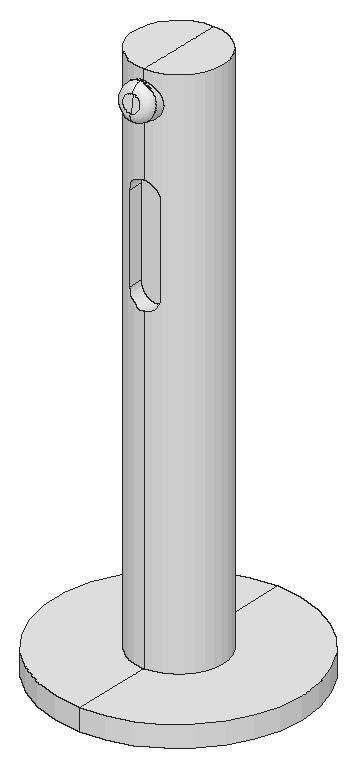
Revit family "SoapLiquidDispenser-ContactlessLiquidSoapDispenser-Built-in-ElectricallyConnected-Vitra-OriginSeries-A44700", category Plumbing Fixtures, host Face, Revit 2017
Family settings
  Host = Face
  Round Connector Dimension = Use Diameter
  Part Type = Normal
  OmniClass Number = 23.45.00.00
  OmniClass Title = Sanitary, Laundry, and Cleaning Equipment
  Cut with Voids When Loaded = No
  Shared = Yes
  Room Calculation Point = No
Parameters (values of type "SoapLiquidDispenser-ContactlessLiquidSoapDispenser-Built-İn-ElectricallyConnected-Vitra-OriginSeries-A44700")
  Youtube = "https://www.youtube.com/user/VitrAglobal"
  Weight Net (kg) = "0.85"
  Waste Connection = no
  Warranty Period (Year) = "5 years"
  Vent Connection = no
  Uniformat II Description = "FURNISHINGS"
  Uniformat II Code = "E20"
  Uniclass 2015 Name = "Soap dispensers"
  Uniclass 2015 Code = "Pr_40_70_22_81"
  Uniclass 2.0 Description = "Soap Dispensers"
  Uniclass 2.0 Code = "PR-35-76-80"
  Uniclass 1.4 Description = "Soap holders/dispensers"
  Uniclass 1.4 Code = "L8246"
  URL = "https://vitraglobal.com/"
  UNSPSC Description = "Sanitary ware"
  UNSPSC Code = ""
  Technical description = "https://www.vitraglobal.com/pdf/A44700/"
  Tap hole Options (default) = ""
  Specification = ""
  Region South America = "All"
  Region Oceania = "All"
  Region North America = "All"
  Region Middle East = "All"
  Region Europe = "All"
  Region Asia = "All"
  Region Antarctica = "All"
  Region Africa = "All"
  Product url = "https://www.vitraglobal.com/bathroom-accessories/soap-toothbrush-holders/soap-dispensers/touch-free-soap-dispenser-built-in-mains--sku-A44700/"
  Product manual = ""
  Product group = "Liquid Soap Dispenser"
  Product family = "OriginSeries"
  Product data url = "https://www.bimobject.com/vitra-bathrooms/product/a44700"
  Product certification = "https://www.vitraglobal.com/brochures/"
  Product Type = "Liquid Soap Dispenser"
  Product SKU = "A44700"
  Product Properties = "Liquid Soap Dispenser"
  Product Guid = ""
  OmniClass Description = "Hand Soap Dispensers"
  OmniClass Code = "23-31 25 29 13"
  Nominal Width (mm) = 58 mm
  Nominal Height (mm) = 58 mm
  Nominal Depth (mm) = 130 mm
  NBS Referans Description = "Soap Dispensers"
  NBS Referans Code = "35-76-80"
  Mounting type = ""
  Model = "A44700"
  Masterformat 2014 Description = "Furnishings"
  Masterformat 2014 Code = "12 00 00"
  Manufacturer name = "Vitra"
  Manufacturer = "Vitra"
  Main Material = "Metal"
  Installation instructions = ""
  IFC Classification = "Sanitary Terminal"
  Help = ""
  HW Connection = no
  GTIP code = ""
  Features = ""
  EAN code = ""
  Design country = "Turkey"
  Description = "Origin Liquid Soap Dispenser - Contactless Liquid Soap Dispenser - Built-İn - Electrically Connected"
  Default Elevation = 0 mm
  Color = "Chrome"
  Coating Material = Chrome
  Calculated flow = ""
  CW Connection = no
  COBIe Type Category = ""
  Brand = "VitrA"
  BIMobject category = "Sanitary - Dispensers"
  Article No. (default) = "A44700"
  Approvals = ""
  ApplicationType = ""
  Accessories (default) = ""
Types (4, lengths in mm): name | Technical description | Product url | Product data url | Product SKU | Model | Color | Coating Material | Article No. (default)
  SoapLiquidDispenser-ContactlessLiquidSoapDispenser-Built-İn-ElectricallyConnected-Vitra-OriginSeries-A44700 | "https://www.vitraglobal.com/pdf/A44700/" | "https://www.vitraglobal.com/bathroom-accessories/soap-toothbrush-holders/soap-dispensers/touch-free-soap-dispenser-built-in-mains--sku-A44700/" | "https://www.bimobject.com/vitra-bathrooms/product/a44700" | "A44700" | "A44700" | "Chrome" | Chrome | "A44700"
  SoapLiquidDispenser-ContactlessLiquidSoapDispenser-Built-İn-ElectricallyConnected-Vitra-OriginSeries-A4470026 | "https://www.vitraglobal.com/pdf/A4470026/" | "https://www.vitraglobal.com/bathroom-accessories/soap-toothbrush-holders/soap-dispensers/touch-free-soap-dispenser-built-in-mains--sku-A4470026/" | "" | "A4470026" | "A4470026" | "Copper" | Copper | "A4470026"
  SoapLiquidDispenser-ContactlessLiquidSoapDispenser-Built-İn-ElectricallyConnected-Vitra-OriginSeries-A4470034 | "https://www.vitraglobal.com/pdf/A4470034/" | "https://www.vitraglobal.com/bathroom-accessories/soap-toothbrush-holders/soap-dispensers/touch-free-soap-dispenser-built-in-mains--sku-A4470034/" | "" | "A4470034" | "A4470034" | "Brushed Nickel" | Brushed Nickel | "A4470034"
  SoapLiquidDispenser-ContactlessLiquidSoapDispenser-Built-İn-ElectricallyConnected-Vitra-OriginSeries-A4470036 | "https://www.vitraglobal.com/pdf/A4470036/" | "https://www.vitraglobal.com/bathroom-accessories/soap-toothbrush-holders/soap-dispensers/touch-free-soap-dispenser-built-in-mains--sku-A4470036/" | "" | "A4470036" | "A4470036" | "Matte Black" | Black | "A4470036"
Reference planes
  plane 1 "Center (Front/Back)": y = 0
  plane 2: z = 0
  plane 3 "Center (Left/Right)": x = 0
  plane 4: z = 130
  plane 5: y = 29.133
  plane 6: y = -28.867
  plane 7: x = 28.867
  plane 8: x = -29.133
Forms (mm)
  Revolve 1, solid, material "Chrome" <- "Coating Material", detail levels fine
    sketch origin (0, 0, 0) x (0, 1, 0) y (0, 0, 1)
      loop
        line (0, 130) -> (0, 0) -> (28.867, 0) -> (28.867, 5) -> (10.213, 5) -> (10.213, 130) -> (0, 130)
      axis (0, 0) -> (0, 130)
    angle from 0 to 360
  Revolve 2, solid, material "Chrome" <- "Coating Material", detail levels fine
    sketch origin (0, 0, 0) x (0, 1, 0) y (0, 0, 1)
      loop
        line (-13.661, 124.25) -> (-4.488, 122.633) -> (-3.792, 126.577) -> (-10.952, 127.84)
        arc (-10.952, 127.84) -> (-12.479, 127.501) -> (-13.32, 126.182) r 2.044
        line (-13.32, 126.182) -> (-13.661, 124.25)
      axis (-13.661, 124.25) -> (-4.488, 122.633)
    angle from 0 to 360
  Extrusion 3, void
    sketch origin (0, 0, 0) x (1, 0, 0) y (0, 0, 1)
      loop
        line (3.6, 83.1) -> (3.6, 103.4)
        arc (3.6, 103.4) -> (0, 107) -> (-3.6, 103.4) r 3.6
        line (-3.6, 103.4) -> (-3.6, 83.1)
        arc (-3.6, 83.1) -> (0, 79.5) -> (3.6, 83.1) r 3.6
    from 6.464 to 13.132
  Extrusion 4, solid, detail levels coarse
    sketch origin (0, 0, 0) x (1, 0, 0) y (0, 1, 0)
      loop
        circle (0, 0) r 28.867
    from 0 to 130
  Revolve 5, solid, detail levels medium
    sketch origin (0, 0, 0) x (0, 1, 0) y (0, 0, 1)
      loop
        line (0, 130) -> (0, 0) -> (28.867, 0) -> (28.867, 5) -> (10.213, 5) -> (10.213, 130) -> (0, 130)
      axis (0, 0) -> (0, 130)
    angle from 0 to 360
Cuts and joins
  Extrusion 3 cuts Revolve 1
  joined: Revolve 1, Revolve 2
Dimensions and locks
  "Nominal Depth (mm)": plane 4 to level
  "Nominal Width (mm)": plane 8 to plane 7
  "Nominal Height (mm)": plane 5 to plane 6
  aligned and locked: plane 2 to host face
  aligned and locked: level to host face
Automatic sketch dimensions
  host sketch curve to host sketch curve = 2438.4 mm  (x2)
  Revolve 1 sketch curve to plane 1 "Center (Front/Back)" = 0 mm  (x2)
  Revolve 1 sketch curve to plane 4 = 0 mm
  Revolve 1 sketch curve to level = 0 mm
  Revolve 1 sketch curve to Revolve 1 sketch curve = 10.213 mm
  Revolve 1 sketch curve to plane 5 = 0.266 mm
  level to Revolve 1 sketch curve = 5 mm
  Revolve 1 sketch curve to plane 4 = 55 mm
  Revolve 1 sketch curve to Revolve 1 sketch curve = 25 mm
  plane 1 "Center (Front/Back)" to Revolve 2 sketch curve = 13.661 mm
  Revolve 2 sketch curve to plane 4 = 3.818 mm
  Revolve 2 sketch curve to Revolve 2 sketch curve = 0.341 mm
  Revolve 2 sketch curve to Revolve 2 sketch curve = 2.013 mm
  Revolve 2 sketch curve to plane 4 = 2.16 mm
  Revolve 2 sketch curve to Revolve 2 sketch curve = 0.355 mm
  plane 1 "Center (Front/Back)" to Revolve 2 sketch curve = 4.488 mm
  plane 1 "Center (Front/Back)" to Revolve 2 sketch curve = 3.792 mm
  Revolve 2 sketch curve to Revolve 2 sketch curve = 2.2 mm
  Revolve 2 sketch curve to Revolve 2 sketch curve = 1.314 mm
  Revolve 2 sketch curve to Revolve 2 sketch curve = 0.583 mm
  Revolve 2 sketch curve to Revolve 2 sketch curve = 0.232 mm
  Extrusion 3 sketch curve to plane 3 "Center (Left/Right)" = 0 mm
  Extrusion 3 sketch curve to Extrusion 3 sketch curve = 3.6 mm
  Extrusion 3 sketch curve to plane 4 = 46.9 mm
  Extrusion 3 sketch curve to Extrusion 3 sketch curve = 20.3 mm
  plane 1 "Center (Front/Back)" to Extrusion 4 sketch curve = 0 mm
  Extrusion 4 sketch curve to plane 3 "Center (Left/Right)" = 0 mm
  Revolve 5 sketch curve to plane 1 "Center (Front/Back)" = 0 mm  (x2)
  Revolve 5 sketch curve to plane 4 = 0 mm
  Revolve 5 sketch curve to level = 0 mm
  Revolve 5 sketch curve to Revolve 5 sketch curve = 10.213 mm
  Revolve 5 sketch curve to plane 5 = 0.266 mm
  level to Revolve 5 sketch curve = 5 mm
  Revolve 5 sketch curve to plane 4 = 30 mm
  Revolve 5 sketch curve to Revolve 5 sketch curve = 10 mm
  radius of Extrusion 4 sketch curve = 28.867 mm
Connectors
  electrical at (0, 0, 0)
    settings: on cut or joined group of Revolve 1, Revolve 2, Extrusion 3, index 1, voltage 220 V, apparent load 0 VA, apparent load phase1 0 VA, apparent load phase2 0 VA, apparent load phase3 0 VA, power factor 1, load classification "Power", number of poles 1, system type 31, power factor state 1, is connector primary yes, connector utility no, sub classification motor no, connector description ""
